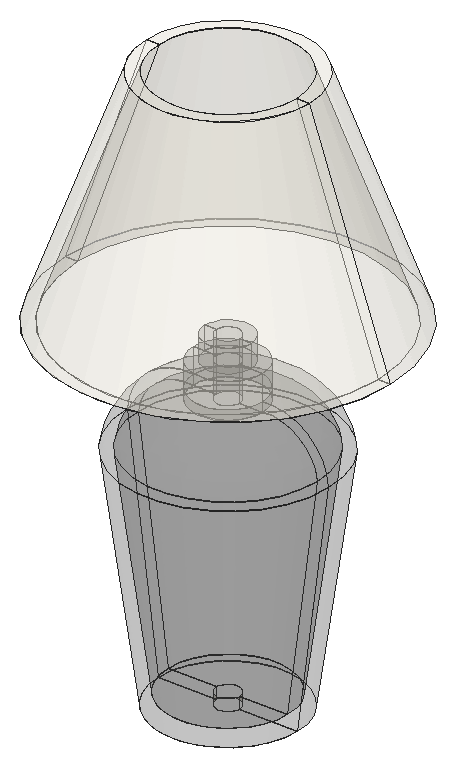
Revit family
Parameters (values of type "60 와트 백열")
  Wattage = 60 W
  built-in parameter 1150110 = 1 (stored number, unit not read)
  built-in parameter 1114217 = 1 (stored number, unit not read)
  built-in parameter 1150109 = 1 (stored number, unit not read)
  built-in parameter 1150134 = 4
  built-in parameter 1150113 = 1 (stored number, unit not read)
  built-in parameter 1150115 = 1 (stored number, unit not read)
  built-in parameter 1150105 = 68.039 (stored number, unit not read)
  Light Source Symbol Size = 609.6 mm
  built-in parameter 1150137 = (empty or 0)
  built-in parameter 1150139 = (empty or 0)
  built-in parameter 1150112 = 1 (stored number, unit not read)
  built-in parameter 1150114 = 1 (stored number, unit not read)
  built-in parameter 1150132 = (empty or 0)
  built-in parameter 1150102 = (empty or 0)
  built-in parameter 1150138 = (empty or 0)
  built-in parameter 1150107 = 2800 (stored number, unit not read)
  built-in parameter 1150106 = 0.68039 (stored number, unit not read)
  built-in parameter 1150104 = 1.3239 (stored number, unit not read)
  Dimming Lamp Color Temperature Shift = (empty or 0)
  Color Filter = 16777215
  베이스 = 플라스틱 - 검은색
  Lamp = "A-19"
  Lumens = 855 lm
  음영처리 = 유리 - 젖빛
  Wattage Comments = "60"
  built-in parameter 1114218 = 1 (stored number, unit not read)
  built-in parameter 1150133 = 10 (stored number, unit not read)
Types (3, lengths in mm): name | Wattage | built-in parameter 1150105 | built-in parameter 1150106 | built-in parameter 1150104 | Lamp | Lumens | Wattage Comments
  (no name) | 60 W | 68.039 (stored number, unit not read) | 0.68039 (stored number, unit not read) | 1.3239 (stored number, unit not read) | "A-19" | 855 lm | "60"
  60 와트 백열 | 60 W | 68.039 (stored number, unit not read) | 0.68039 (stored number, unit not read) | 1.3239 (stored number, unit not read) | "A-19" | 855 lm | "60"
  100 와트 백열 | 100 W | 95.493 (stored number, unit not read) | 0.95493 (stored number, unit not read) | 1.1148 (stored number, unit not read) | "R-30" | 1200 lm | "100"
Reference planes
  plane 1 "광원 축": y = 0
  plane 2: z = 0
  plane 3 "광원 축": x = 0
  plane 4 "광원 입면도": z = 482.6
Forms (mm)
  Revolve 1, solid, material "플라스틱 - 검은색" <- "베이스"
    sketch origin (0, 0, 0) x (1, 0, 0) y (0, 0, 1)
      loop
        line (12.7, 0) -> (76.2, 0) -> (110.729, 251.66)
        arc (110.729, 251.66) -> (86.628, 296.269) -> (38.1, 310.962) r 66.562
        line (38.1, 310.962) -> (38.1, 300.415)
        arc (38.1, 300.415) -> (77.735, 289.414) -> (98.187, 253.725) r 54.117
        line (98.187, 253.725) -> (65.543, 12.7) -> (12.7, 12.7) -> (12.7, 0)
      axis (0, 0) -> (0, 310.962)
    angle from 0 to 360
  Revolve 2, solid, material "플라스틱 - 검은색" <- "베이스"
    sketch origin (0, 0, 0) x (1, 0, 0) y (0, 0, 1)
      loop
        line (38.1, 300.415) -> (38.1, 338.515) -> (12.7, 338.515) -> (12.7, 300.415) -> (38.1, 300.415)
      axis (0, 338.515) -> (0, 300.415)
    angle from 0 to 360
  Revolve 3, solid, material "플라스틱 - 검은색" <- "베이스"
    sketch origin (0, 0, 0) x (1, 0, 0) y (0, 0, 1)
      loop
        line (12.7, 338.515) -> (25.4, 338.515) -> (25.4, 363.915) -> (12.7, 363.915) -> (12.7, 338.515)
      axis (0, 363.915) -> (0, 338.515)
    angle from 0 to 360
  Revolve 4, solid, material "유리 - 젖빛" <- "음영처리"
    sketch origin (0, 0, 0) x (1, 0, 0) y (0, 0, 1)
      loop
        line (164.732, 376.823) -> (178.671, 376.823) -> (89.373, 622.168) -> (75.433, 622.168) -> (164.732, 376.823)
      axis (0, 622.168) -> (0, 376.823)
    angle from 0 to 360
Lines and regions (mm)
  symbolic lines
    curve 1: arc (178.671, 0, 0) -> (0, 178.671, 0) -> (-178.671, 0, 0) r 178.671
    curve 2: arc (-178.671, 0, 0) -> (0, -178.671, 0) -> (178.671, 0, 0) r 178.671
    curve 3: arc (89.373, 0, 0) -> (0, 89.373, 0) -> (-89.373, 0, 0) r 89.373
    curve 4: arc (-89.373, 0, 0) -> (0, -89.373, 0) -> (89.373, 0, 0) r 89.373
Dimensions and locks
  aligned and locked: imposter light to plane 3 "광원 축"
  aligned and locked: plane 1 "광원 축" to imposter light
  aligned and locked: plane 4 "광원 입면도" to imposter light
